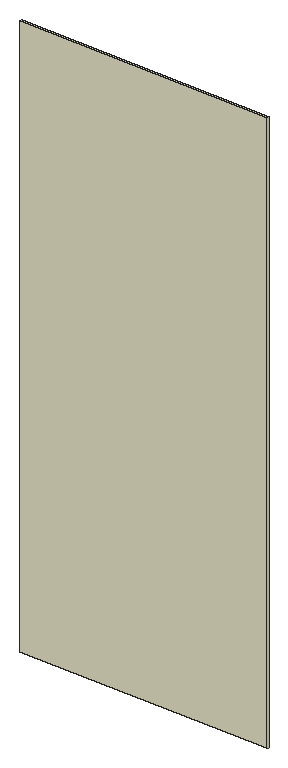
Revit family "CLAD (Smooth) Honeycomb", category Generic Models, Revit 2017
Family settings
  Can host rebar = No
  Round Connector Dimension = Use Diameter
  Part Type = Normal
  Work Plane-Based = No
  Always vertical = Yes
  Cut with Voids When Loaded = No
  Shared = Yes
  Room Calculation Point = No
Parameters (values of type "2745 x 1200")
  Primed Finich Code = "EX27 CL-HON"  # constant formula
  Panel_width = 1200 mm  # constant formula
  Panel_thickness = 9.5 mm  # constant formula
  Material = none
  URL = "https://www.easycraft.com.au/products/253/expression-series"
  Model = "Expression Series - Honeycomb"  # constant formula
  Manufacturer = "Easycraft Australia Pty Ltd ph 07 3906 7200"  # constant formula
  Panel_height = 2745 mm  # constant formula
  Description = "MDF CLAD Smooth"  # constant formula
  Assembly Code = ""
Reference planes
  plane 1 "Center (Front/Back)": y = 0
  plane 2: z = 0
  plane 3 "Center (Left/Right)": x = 0
  plane 4 "Panel face": y = -9.5
  plane 5 "Panel_top": z = 2745
Forms (mm)
  Extrusion 1, solid, material "CLAD smooth"
    sketch origin (0, 0, 2720) x (0, -1, 0) y (1, 0, 0)
      loop
        line (0, 0) -> (9.5, 0) -> (9.5, 1200) -> (0, 1200) -> (0, 0)
    from -2720 to 25
Lines and regions (mm)
  model lines, style "easycraft expressions pattern"
    curve 1: line (1170.784, -9.5, 2657.877) -> (1200, -9.5, 2657.876)
    curve 2: line (1170.784, -9.5, 2534.255) -> (1200, -9.5, 2534.253)
    curve 3: line (1129.224, -9.5, 2596.066) -> (1070.792, -9.5, 2596.067)
    curve 4: line (1170.784, -9.5, 2410.633) -> (1200, -9.5, 2410.631)
    curve 5: line (1170.784, -9.5, 2287.01) -> (1200, -9.5, 2287.009)
    curve 6: line (1129.224, -9.5, 2348.821) -> (1070.792, -9.5, 2348.823)
    curve 7: line (1170.783, -9.5, 2163.389) -> (1200, -9.5, 2163.387)
    curve 8: line (1129.224, -9.5, 2225.2) -> (1070.792, -9.5, 2225.201)
    curve 9: line (1170.783, -9.5, 2039.767) -> (1200, -9.5, 2039.765)
    curve 10: line (1129.225, -9.5, 2101.577) -> (1070.792, -9.5, 2101.579)
    curve 11: line (1170.784, -9.5, 1916.144) -> (1200, -9.5, 1916.143)
    curve 12: line (1129.224, -9.5, 1977.955) -> (1070.792, -9.5, 1977.957)
    curve 13: line (1170.784, -9.5, 1792.522) -> (1200, -9.5, 1792.521)
    curve 14: line (1129.224, -9.5, 1854.333) -> (1070.792, -9.5, 1854.334)
    curve 15: line (1170.784, -9.5, 1668.9) -> (1200, -9.5, 1668.899)
    curve 16: line (1129.224, -9.5, 1730.711) -> (1070.792, -9.5, 1730.712)
    curve 17: line (1170.784, -9.5, 1545.278) -> (1200, -9.5, 1545.276)
    curve 18: line (1129.224, -9.5, 1607.089) -> (1070.792, -9.5, 1607.09)
    curve 19: line (1170.784, -9.5, 1421.656) -> (1200, -9.5, 1421.654)
    curve 20: line (1129.224, -9.5, 1483.466) -> (1070.792, -9.5, 1483.468)
    curve 21: line (1170.784, -9.5, 1298.033) -> (1200, -9.5, 1298.032)
    curve 22: line (1129.224, -9.5, 1359.844) -> (1070.793, -9.5, 1359.846)
    curve 23: line (1170.784, -9.5, 1174.411) -> (1200, -9.5, 1174.41)
    curve 24: line (1129.224, -9.5, 1236.222) -> (1070.792, -9.5, 1236.223)
    curve 25: line (1170.784, -9.5, 1050.789) -> (1200, -9.5, 1050.788)
    curve 26: line (1129.224, -9.5, 1112.6) -> (1070.793, -9.5, 1112.601)
    curve 27: line (1170.784, -9.5, 927.167) -> (1200, -9.5, 927.165)
    curve 28: line (1129.224, -9.5, 988.978) -> (1070.791, -9.5, 988.979)
    curve 29: line (1170.784, -9.5, 803.544) -> (1200, -9.5, 803.543)
    curve 30: line (1129.224, -9.5, 865.355) -> (1070.792, -9.5, 865.356)
    curve 31: line (1170.784, -9.5, 679.922) -> (1200, -9.5, 679.921)
    curve 32: line (1129.224, -9.5, 741.733) -> (1070.793, -9.5, 741.735)
    curve 33: line (1170.784, -9.5, 556.3) -> (1200, -9.5, 556.299)
    curve 34: line (1129.224, -9.5, 618.111) -> (1070.791, -9.5, 618.112)
    curve 35: line (1170.784, -9.5, 432.677) -> (1200, -9.5, 432.676)
    curve 36: line (1129.224, -9.5, 494.488) -> (1070.792, -9.5, 494.49)
    curve 37: line (1170.784, -9.5, 309.056) -> (1200, -9.5, 309.054)
    curve 38: line (1129.224, -9.5, 370.867) -> (1070.793, -9.5, 370.868)
    curve 39: line (1170.784, -9.5, 185.434) -> (1200, -9.5, 185.432)
    curve 40: line (1129.224, -9.5, 247.244) -> (1070.791, -9.5, 247.246)
    curve 41: line (1170.785, -9.5, 61.811) -> (1200, -9.5, 61.81)
    curve 42: line (1129.224, -9.5, 123.622) -> (1070.791, -9.5, 123.624)
    curve 43: line (1070.792, -9.5, 2472.443) -> (1029.233, -9.5, 2534.255)
    curve 44: line (1029.233, -9.5, 2534.255) -> (1070.792, -9.5, 2596.066)
    curve 45: line (1070.792, -9.5, 2596.066) -> (1029.233, -9.5, 2657.877)
    curve 46: line (1029.233, -9.5, 2657.877) -> (1070.792, -9.5, 2719.689)
    curve 47: line (1129.224, -9.5, 2719.688) -> (1170.784, -9.5, 2657.877)
    curve 48: line (1170.784, -9.5, 2657.877) -> (1129.224, -9.5, 2596.066)
    curve 49: line (1129.224, -9.5, 2596.066) -> (1170.784, -9.5, 2534.255)
    curve 50: line (1170.784, -9.5, 2534.255) -> (1129.224, -9.5, 2472.443)
    curve 51: line (1129.224, -9.5, 2472.443) -> (1170.784, -9.5, 2410.633)
    curve 52: line (1170.784, -9.5, 2410.633) -> (1129.224, -9.5, 2348.821)
    curve 53: line (1129.224, -9.5, 2348.821) -> (1170.784, -9.5, 2287.01)
    curve 54: line (1170.784, -9.5, 2287.01) -> (1129.224, -9.5, 2225.199)
    curve 55: line (1129.224, -9.5, 2225.199) -> (1170.783, -9.5, 2163.389)
    curve 56: line (1170.784, -9.5, 2163.388) -> (1129.225, -9.5, 2101.577)
    curve 57: line (1129.224, -9.5, 2101.577) -> (1170.783, -9.5, 2039.767)
    curve 58: line (1170.784, -9.5, 2039.766) -> (1129.224, -9.5, 1977.955)
    curve 59: line (1129.224, -9.5, 1977.955) -> (1170.784, -9.5, 1916.144)
    curve 60: line (1170.784, -9.5, 1916.144) -> (1129.224, -9.5, 1854.333)
    curve 61: line (1129.224, -9.5, 1854.333) -> (1170.784, -9.5, 1792.522)
    curve 62: line (1170.784, -9.5, 1792.522) -> (1129.224, -9.5, 1730.711)
    curve 63: line (1129.224, -9.5, 1730.711) -> (1170.784, -9.5, 1668.9)
    curve 64: line (1170.784, -9.5, 1668.9) -> (1129.224, -9.5, 1607.089)
    curve 65: line (1129.224, -9.5, 1607.089) -> (1170.784, -9.5, 1545.278)
    curve 66: line (1170.784, -9.5, 1545.278) -> (1129.224, -9.5, 1483.466)
    curve 67: line (1129.224, -9.5, 1483.466) -> (1170.784, -9.5, 1421.656)
    curve 68: line (1170.784, -9.5, 1421.656) -> (1129.224, -9.5, 1359.844)
    curve 69: line (1129.224, -9.5, 1359.844) -> (1170.784, -9.5, 1298.033)
    curve 70: line (1170.784, -9.5, 1298.033) -> (1129.224, -9.5, 1236.222)
    curve 71: line (1129.224, -9.5, 1236.222) -> (1170.784, -9.5, 1174.411)
    curve 72: line (1170.784, -9.5, 1174.411) -> (1129.224, -9.5, 1112.6)
    curve 73: line (1129.224, -9.5, 1112.6) -> (1170.784, -9.5, 1050.789)
    curve 74: line (1170.784, -9.5, 1050.789) -> (1129.224, -9.5, 988.978)
    curve 75: line (1129.224, -9.5, 988.978) -> (1170.784, -9.5, 927.167)
    curve 76: line (1170.784, -9.5, 927.167) -> (1129.224, -9.5, 865.355)
    curve 77: line (1129.224, -9.5, 865.355) -> (1170.784, -9.5, 803.545)
    curve 78: line (1170.784, -9.5, 803.545) -> (1129.224, -9.5, 741.733)
    curve 79: line (1129.224, -9.5, 741.733) -> (1170.784, -9.5, 679.922)
    curve 80: line (1170.784, -9.5, 679.922) -> (1129.224, -9.5, 618.111)
    curve 81: line (1129.224, -9.5, 618.111) -> (1170.784, -9.5, 556.3)
    curve 82: line (1170.784, -9.5, 556.3) -> (1129.224, -9.5, 494.488)
    curve 83: line (1129.224, -9.5, 494.489) -> (1170.784, -9.5, 432.678)
    curve 84: line (1170.784, -9.5, 432.678) -> (1129.224, -9.5, 370.867)
    curve 85: line (1129.224, -9.5, 370.867) -> (1170.784, -9.5, 309.056)
    curve 86: line (1170.784, -9.5, 309.056) -> (1129.224, -9.5, 247.244)
    curve 87: line (1129.224, -9.5, 247.244) -> (1170.784, -9.5, 185.434)
    curve 88: line (1170.784, -9.5, 185.434) -> (1129.224, -9.5, 123.622)
    curve 89: line (1129.224, -9.5, 123.622) -> (1170.785, -9.5, 61.811)
    curve 90: line (1170.784, -9.5, 61.812) -> (1129.224, -9.5, 0)
    curve 91: line (1070.792, -9.5, 0.001) -> (1029.232, -9.5, 61.812)
    curve 92: line (1029.232, -9.5, 61.812) -> (1070.792, -9.5, 123.622)
    curve 93: line (1070.791, -9.5, 123.624) -> (1029.233, -9.5, 185.434)
    curve 94: line (1029.233, -9.5, 185.434) -> (1070.792, -9.5, 247.244)
    curve 95: line (1070.791, -9.5, 247.246) -> (1029.233, -9.5, 309.056)
    curve 96: line (1029.233, -9.5, 309.056) -> (1070.793, -9.5, 370.868)
    curve 97: line (1070.792, -9.5, 370.867) -> (1029.233, -9.5, 432.678)
    curve 98: line (1029.233, -9.5, 432.678) -> (1070.792, -9.5, 494.489)
    curve 99: line (1070.792, -9.5, 494.489) -> (1029.233, -9.5, 556.3)
    curve 100: line (1029.233, -9.5, 556.3) -> (1070.792, -9.5, 618.111)
    curve 101: line (1070.791, -9.5, 618.112) -> (1029.233, -9.5, 679.922)
    curve 102: line (1029.233, -9.5, 679.922) -> (1070.793, -9.5, 741.735)
    curve 103: line (1070.792, -9.5, 741.733) -> (1029.233, -9.5, 803.545)
    curve 104: line (1029.233, -9.5, 803.545) -> (1070.792, -9.5, 865.355)
    curve 105: line (1070.792, -9.5, 865.355) -> (1029.233, -9.5, 927.167)
    curve 106: line (1029.233, -9.5, 927.167) -> (1070.792, -9.5, 988.978)
    curve 107: line (1070.791, -9.5, 988.979) -> (1029.233, -9.5, 1050.789)
    curve 108: line (1029.233, -9.5, 1050.789) -> (1070.793, -9.5, 1112.601)
    curve 109: line (1070.792, -9.5, 1112.6) -> (1029.233, -9.5, 1174.411)
    curve 110: line (1029.233, -9.5, 1174.411) -> (1070.792, -9.5, 1236.222)
    curve 111: line (1070.792, -9.5, 1236.222) -> (1029.233, -9.5, 1298.033)
    curve 112: line (1029.233, -9.5, 1298.033) -> (1070.793, -9.5, 1359.846)
    curve 113: line (1070.792, -9.5, 1359.844) -> (1029.233, -9.5, 1421.656)
    curve 114: line (1029.233, -9.5, 1421.656) -> (1070.792, -9.5, 1483.466)
    curve 115: line (1070.792, -9.5, 1483.466) -> (1029.233, -9.5, 1545.278)
    curve 116: line (1029.233, -9.5, 1545.278) -> (1070.792, -9.5, 1607.089)
    curve 117: line (1070.792, -9.5, 1607.089) -> (1029.233, -9.5, 1668.9)
    curve 118: line (1029.233, -9.5, 1668.9) -> (1070.792, -9.5, 1730.711)
    curve 119: line (1070.792, -9.5, 1730.711) -> (1029.233, -9.5, 1792.522)
    curve 120: line (1029.233, -9.5, 1792.522) -> (1070.792, -9.5, 1854.333)
    curve 121: line (1070.792, -9.5, 1854.333) -> (1029.233, -9.5, 1916.144)
    curve 122: line (1029.233, -9.5, 1916.144) -> (1070.792, -9.5, 1977.955)
    curve 123: line (1070.792, -9.5, 1977.955) -> (1029.233, -9.5, 2039.766)
    curve 124: line (1029.233, -9.5, 2039.766) -> (1070.792, -9.5, 2101.577)
    curve 125: line (1070.792, -9.5, 2101.577) -> (1029.233, -9.5, 2163.388)
    curve 126: line (1029.233, -9.5, 2163.388) -> (1070.792, -9.5, 2225.199)
    curve 127: line (1070.792, -9.5, 2225.199) -> (1029.233, -9.5, 2287.01)
    curve 128: line (1029.233, -9.5, 2287.01) -> (1070.792, -9.5, 2348.821)
    curve 129: line (1070.792, -9.5, 2348.821) -> (1029.233, -9.5, 2410.633)
    curve 130: line (1029.233, -9.5, 2410.633) -> (1070.792, -9.5, 2472.445)
    curve 131: line (1070.792, -9.5, 2472.445) -> (1129.224, -9.5, 2472.443)
    curve 132: line (1029.233, -9.5, 2657.877) -> (970.8, -9.5, 2657.878)
    curve 133: line (970.8, -9.5, 2657.878) -> (929.241, -9.5, 2596.066)
    curve 134: line (929.241, -9.5, 2596.066) -> (970.799, -9.5, 2534.256)
    curve 135: line (970.8, -9.5, 2534.255) -> (929.241, -9.5, 2472.444)
    curve 136: line (929.241, -9.5, 2472.444) -> (970.8, -9.5, 2410.633)
    curve 137: line (1029.233, -9.5, 2534.255) -> (970.799, -9.5, 2534.256)
    curve 138: line (1029.233, -9.5, 2287.01) -> (970.8, -9.5, 2287.012)
    curve 139: line (1029.233, -9.5, 2163.389) -> (970.8, -9.5, 2163.39)
    curve 140: line (1029.233, -9.5, 2039.767) -> (970.8, -9.5, 2039.768)
    curve 141: line (1029.233, -9.5, 1916.144) -> (970.801, -9.5, 1916.146)
    curve 142: line (1029.233, -9.5, 1792.522) -> (970.8, -9.5, 1792.524)
    curve 143: line (1029.233, -9.5, 1668.9) -> (970.799, -9.5, 1668.901)
    curve 144: line (1029.233, -9.5, 1545.278) -> (970.8, -9.5, 1545.279)
    curve 145: line (1029.233, -9.5, 1421.656) -> (970.8, -9.5, 1421.657)
    curve 146: line (1029.233, -9.5, 1298.033) -> (970.8, -9.5, 1298.035)
    curve 147: line (1029.233, -9.5, 1174.411) -> (970.799, -9.5, 1174.413)
    curve 148: line (1029.233, -9.5, 1050.789) -> (970.801, -9.5, 1050.79)
    curve 149: line (1029.233, -9.5, 927.167) -> (970.8, -9.5, 927.168)
    curve 150: line (1029.233, -9.5, 803.544) -> (970.8, -9.5, 803.545)
    curve 151: line (1029.233, -9.5, 679.922) -> (970.801, -9.5, 679.924)
    curve 152: line (1029.233, -9.5, 556.3) -> (970.8, -9.5, 556.302)
    curve 153: line (1029.233, -9.5, 432.677) -> (970.801, -9.5, 432.679)
    curve 154: line (1029.233, -9.5, 309.056) -> (970.799, -9.5, 309.057)
    curve 155: line (1029.233, -9.5, 185.434) -> (970.8, -9.5, 185.435)
    curve 156: line (1029.233, -9.5, 61.811) -> (970.8, -9.5, 61.813)
    curve 157: line (970.8, -9.5, 2657.878) -> (929.24, -9.5, 2719.688)
    curve 158: line (870.807, -9.5, 2719.69) -> (829.248, -9.5, 2657.878)
    curve 159: line (829.248, -9.5, 2657.878) -> (870.806, -9.5, 2596.068)
    curve 160: line (870.807, -9.5, 2596.066) -> (829.248, -9.5, 2534.255)
    curve 161: line (829.248, -9.5, 2534.255) -> (870.807, -9.5, 2472.444)
    curve 162: line (929.241, -9.5, 2596.066) -> (870.806, -9.5, 2596.068)
    curve 163: line (929.241, -9.5, 2472.444) -> (870.807, -9.5, 2472.445)
    curve 164: line (870.807, -9.5, 2472.445) -> (829.248, -9.5, 2410.633)
    curve 165: line (829.248, -9.5, 2410.633) -> (870.807, -9.5, 2348.822)
    curve 166: line (870.807, -9.5, 2348.822) -> (829.248, -9.5, 2287.011)
    curve 167: line (829.248, -9.5, 2287.011) -> (870.807, -9.5, 2225.2)
    curve 168: line (870.807, -9.5, 2225.2) -> (829.248, -9.5, 2163.389)
    curve 169: line (829.248, -9.5, 2163.389) -> (870.807, -9.5, 2101.577)
    curve 170: line (870.807, -9.5, 2101.577) -> (829.248, -9.5, 2039.767)
    curve 171: line (829.248, -9.5, 2039.767) -> (870.807, -9.5, 1977.955)
    curve 172: line (870.807, -9.5, 1977.955) -> (829.248, -9.5, 1916.145)
    curve 173: line (829.248, -9.5, 1916.145) -> (870.806, -9.5, 1854.335)
    curve 174: line (870.807, -9.5, 1854.334) -> (829.248, -9.5, 1792.523)
    curve 175: line (829.248, -9.5, 1792.523) -> (870.807, -9.5, 1730.711)
    curve 176: line (870.807, -9.5, 1730.711) -> (829.248, -9.5, 1668.901)
    curve 177: line (829.248, -9.5, 1668.901) -> (870.807, -9.5, 1607.089)
    curve 178: line (870.807, -9.5, 1607.089) -> (829.248, -9.5, 1545.278)
    curve 179: line (829.248, -9.5, 1545.278) -> (870.806, -9.5, 1483.468)
    curve 180: line (870.807, -9.5, 1483.467) -> (829.248, -9.5, 1421.656)
    curve 181: line (829.248, -9.5, 1421.656) -> (870.807, -9.5, 1359.845)
    curve 182: line (870.807, -9.5, 1359.845) -> (829.248, -9.5, 1298.034)
    curve 183: line (829.248, -9.5, 1298.034) -> (870.807, -9.5, 1236.223)
    curve 184: line (870.807, -9.5, 1236.223) -> (829.248, -9.5, 1174.412)
    curve 185: line (829.248, -9.5, 1174.412) -> (870.806, -9.5, 1112.602)
    curve 186: line (870.807, -9.5, 1112.6) -> (829.248, -9.5, 1050.79)
    curve 187: line (829.248, -9.5, 1050.79) -> (870.807, -9.5, 988.978)
    curve 188: line (870.807, -9.5, 988.978) -> (829.248, -9.5, 927.167)
    curve 189: line (829.248, -9.5, 927.167) -> (870.807, -9.5, 865.356)
    curve 190: line (870.807, -9.5, 865.356) -> (829.248, -9.5, 803.545)
    curve 191: line (829.248, -9.5, 803.545) -> (870.806, -9.5, 741.735)
    curve 192: line (870.807, -9.5, 741.734) -> (829.248, -9.5, 679.923)
    curve 193: line (829.248, -9.5, 679.923) -> (870.807, -9.5, 618.112)
    curve 194: line (870.807, -9.5, 618.112) -> (829.248, -9.5, 556.301)
    curve 195: line (829.248, -9.5, 556.301) -> (870.807, -9.5, 494.489)
    curve 196: line (870.807, -9.5, 494.489) -> (829.248, -9.5, 432.679)
    curve 197: line (829.248, -9.5, 432.679) -> (870.806, -9.5, 370.869)
    curve 198: line (870.807, -9.5, 370.867) -> (829.248, -9.5, 309.056)
    curve 199: line (829.248, -9.5, 309.056) -> (870.807, -9.5, 247.245)
    curve 200: line (870.807, -9.5, 247.245) -> (829.248, -9.5, 185.434)
    curve 201: line (829.248, -9.5, 185.434) -> (870.807, -9.5, 123.623)
    curve 202: line (870.807, -9.5, 123.623) -> (829.247, -9.5, 61.813)
    curve 203: line (829.247, -9.5, 61.813) -> (870.807, -9.5, 0.001)
    curve 204: line (929.24, -9.5, 0.001) -> (970.8, -9.5, 61.811)
    curve 205: line (970.8, -9.5, 61.811) -> (929.241, -9.5, 123.623)
    curve 206: line (929.241, -9.5, 123.623) -> (970.8, -9.5, 185.434)
    curve 207: line (970.8, -9.5, 185.434) -> (929.241, -9.5, 247.245)
    curve 208: line (929.241, -9.5, 247.245) -> (970.8, -9.5, 309.056)
    curve 209: line (970.799, -9.5, 309.057) -> (929.241, -9.5, 370.867)
    curve 210: line (929.241, -9.5, 370.867) -> (970.801, -9.5, 432.679)
    curve 211: line (970.8, -9.5, 432.678) -> (929.241, -9.5, 494.489)
    curve 212: line (929.241, -9.5, 494.489) -> (970.8, -9.5, 556.3)
    curve 213: line (970.8, -9.5, 556.3) -> (929.241, -9.5, 618.112)
    curve 214: line (929.241, -9.5, 618.112) -> (970.801, -9.5, 679.924)
    curve 215: line (970.8, -9.5, 679.922) -> (929.241, -9.5, 741.734)
    curve 216: line (929.241, -9.5, 741.734) -> (970.8, -9.5, 803.545)
    curve 217: line (970.8, -9.5, 803.545) -> (929.241, -9.5, 865.355)
    curve 218: line (929.241, -9.5, 865.356) -> (970.8, -9.5, 927.167)
    curve 219: line (970.8, -9.5, 927.167) -> (929.241, -9.5, 988.978)
    curve 220: line (929.241, -9.5, 988.978) -> (970.801, -9.5, 1050.79)
    curve 221: line (970.8, -9.5, 1050.789) -> (929.241, -9.5, 1112.6)
    curve 222: line (929.241, -9.5, 1112.6) -> (970.8, -9.5, 1174.411)
    curve 223: line (970.799, -9.5, 1174.413) -> (929.241, -9.5, 1236.223)
    curve 224: line (929.241, -9.5, 1236.223) -> (970.8, -9.5, 1298.033)
    curve 225: line (970.8, -9.5, 1298.033) -> (929.241, -9.5, 1359.845)
    curve 226: line (929.241, -9.5, 1359.845) -> (970.8, -9.5, 1421.656)
    curve 227: line (970.8, -9.5, 1421.656) -> (929.241, -9.5, 1483.467)
    curve 228: line (929.241, -9.5, 1483.467) -> (970.8, -9.5, 1545.278)
    curve 229: line (970.8, -9.5, 1545.278) -> (929.241, -9.5, 1607.089)
    curve 230: line (929.241, -9.5, 1607.089) -> (970.8, -9.5, 1668.9)
    curve 231: line (970.799, -9.5, 1668.901) -> (929.241, -9.5, 1730.711)
    curve 232: line (929.241, -9.5, 1730.711) -> (970.8, -9.5, 1792.522)
    curve 233: line (970.8, -9.5, 1792.522) -> (929.241, -9.5, 1854.334)
    curve 234: line (929.241, -9.5, 1854.334) -> (970.801, -9.5, 1916.146)
    curve 235: line (970.8, -9.5, 1916.144) -> (929.241, -9.5, 1977.955)
    curve 236: line (929.241, -9.5, 1977.955) -> (970.8, -9.5, 2039.766)
    curve 237: line (970.8, -9.5, 2039.766) -> (929.241, -9.5, 2101.577)
    curve 238: line (929.241, -9.5, 2101.577) -> (970.8, -9.5, 2163.388)
    curve 239: line (970.8, -9.5, 2163.388) -> (929.241, -9.5, 2225.2)
    curve 240: line (929.241, -9.5, 2225.2) -> (970.8, -9.5, 2287.01)
    curve 241: line (970.8, -9.5, 2287.01) -> (929.241, -9.5, 2348.822)
    curve 242: line (929.241, -9.5, 2348.822) -> (970.8, -9.5, 2410.634)
    curve 243: line (970.8, -9.5, 2410.634) -> (1029.233, -9.5, 2410.633)
    curve 244: line (929.241, -9.5, 2348.822) -> (870.807, -9.5, 2348.823)
    curve 245: line (929.24, -9.5, 2225.2) -> (870.807, -9.5, 2225.202)
    curve 246: line (929.24, -9.5, 2101.578) -> (870.807, -9.5, 2101.579)
    curve 247: line (929.24, -9.5, 1977.956) -> (870.807, -9.5, 1977.957)
    curve 248: line (929.241, -9.5, 1854.334) -> (870.806, -9.5, 1854.335)
    curve 249: line (929.241, -9.5, 1730.711) -> (870.807, -9.5, 1730.713)
    curve 250: line (929.241, -9.5, 1607.089) -> (870.807, -9.5, 1607.091)
    curve 251: line (929.241, -9.5, 1483.467) -> (870.806, -9.5, 1483.468)
    curve 252: line (929.241, -9.5, 1359.845) -> (870.807, -9.5, 1359.846)
    curve 253: line (929.241, -9.5, 1236.223) -> (870.807, -9.5, 1236.224)
    curve 254: line (929.241, -9.5, 1112.6) -> (870.806, -9.5, 1112.602)
    curve 255: line (929.241, -9.5, 988.978) -> (870.807, -9.5, 988.98)
    curve 256: line (929.241, -9.5, 865.355) -> (870.807, -9.5, 865.357)
    curve 257: line (929.241, -9.5, 741.734) -> (870.806, -9.5, 741.735)
    curve 258: line (929.241, -9.5, 618.112) -> (870.807, -9.5, 618.113)
    curve 259: line (929.24, -9.5, 494.489) -> (870.807, -9.5, 494.49)
    curve 260: line (929.241, -9.5, 370.867) -> (870.806, -9.5, 370.869)
    curve 261: line (929.241, -9.5, 247.245) -> (870.807, -9.5, 247.246)
    curve 262: line (929.241, -9.5, 123.623) -> (870.807, -9.5, 123.624)
    curve 263: line (829.248, -9.5, 2657.878) -> (770.816, -9.5, 2657.879)
    curve 264: line (770.816, -9.5, 2657.879) -> (729.256, -9.5, 2596.067)
    curve 265: line (729.256, -9.5, 2596.067) -> (770.816, -9.5, 2534.255)
    curve 266: line (770.816, -9.5, 2534.255) -> (729.256, -9.5, 2472.445)
    curve 267: line (729.256, -9.5, 2472.445) -> (770.816, -9.5, 2410.633)
    curve 268: line (829.248, -9.5, 2534.255) -> (770.816, -9.5, 2534.257)
    curve 269: line (829.248, -9.5, 2410.633) -> (770.816, -9.5, 2410.635)
    curve 270: line (770.816, -9.5, 2410.635) -> (729.256, -9.5, 2348.822)
    curve 271: line (729.256, -9.5, 2348.822) -> (770.816, -9.5, 2287.011)
    curve 272: line (770.816, -9.5, 2287.011) -> (729.256, -9.5, 2225.2)
    curve 273: line (729.256, -9.5, 2225.2) -> (770.816, -9.5, 2163.389)
    curve 274: line (770.816, -9.5, 2163.389) -> (729.256, -9.5, 2101.578)
    curve 275: line (729.256, -9.5, 2101.578) -> (770.816, -9.5, 2039.767)
    curve 276: line (829.248, -9.5, 2287.011) -> (770.816, -9.5, 2287.012)
    curve 277: line (829.248, -9.5, 2163.389) -> (770.816, -9.5, 2163.391)
    curve 278: line (829.248, -9.5, 2039.767) -> (770.816, -9.5, 2039.769)
    curve 279: line (770.816, -9.5, 2039.769) -> (729.256, -9.5, 1977.956)
    curve 280: line (729.256, -9.5, 1977.956) -> (770.816, -9.5, 1916.144)
    curve 281: line (770.816, -9.5, 1916.144) -> (729.256, -9.5, 1854.334)
    curve 282: line (729.256, -9.5, 1854.334) -> (770.816, -9.5, 1792.523)
    curve 283: line (770.816, -9.5, 1792.523) -> (729.256, -9.5, 1730.712)
    curve 284: line (729.256, -9.5, 1730.712) -> (770.816, -9.5, 1668.901)
    curve 285: line (829.248, -9.5, 1916.145) -> (770.816, -9.5, 1916.146)
    curve 286: line (829.248, -9.5, 1792.523) -> (770.816, -9.5, 1792.524)
    curve 287: line (829.248, -9.5, 1668.901) -> (770.816, -9.5, 1668.902)
    curve 288: line (770.816, -9.5, 1668.902) -> (729.256, -9.5, 1607.09)
    curve 289: line (729.256, -9.5, 1607.09) -> (770.815, -9.5, 1545.28)
    curve 290: line (770.816, -9.5, 1545.278) -> (729.256, -9.5, 1483.468)
    curve 291: line (729.256, -9.5, 1483.468) -> (770.815, -9.5, 1421.658)
    curve 292: line (770.816, -9.5, 1421.656) -> (729.256, -9.5, 1359.845)
    curve 293: line (729.256, -9.5, 1359.845) -> (770.816, -9.5, 1298.034)
    curve 294: line (770.816, -9.5, 1298.034) -> (729.256, -9.5, 1236.223)
    curve 295: line (729.256, -9.5, 1236.223) -> (770.816, -9.5, 1174.412)
    curve 296: line (770.816, -9.5, 1174.412) -> (729.256, -9.5, 1112.601)
    curve 297: line (729.256, -9.5, 1112.601) -> (770.816, -9.5, 1050.79)
    curve 298: line (770.816, -9.5, 1050.79) -> (729.256, -9.5, 988.979)
    curve 299: line (729.256, -9.5, 988.979) -> (770.816, -9.5, 927.167)
    curve 300: line (770.816, -9.5, 927.167) -> (729.256, -9.5, 865.357)
    curve 301: line (729.256, -9.5, 865.357) -> (770.815, -9.5, 803.546)
    curve 302: line (770.816, -9.5, 803.545) -> (729.256, -9.5, 741.734)
    curve 303: line (729.256, -9.5, 741.734) -> (770.816, -9.5, 679.923)
    curve 304: line (829.248, -9.5, 1545.278) -> (770.815, -9.5, 1545.28)
    curve 305: line (829.248, -9.5, 1421.656) -> (770.815, -9.5, 1421.658)
    curve 306: line (829.248, -9.5, 1298.034) -> (770.816, -9.5, 1298.035)
    curve 307: line (829.248, -9.5, 1174.412) -> (770.816, -9.5, 1174.413)
    curve 308: line (829.248, -9.5, 1050.79) -> (770.816, -9.5, 1050.791)
    curve 309: line (829.248, -9.5, 927.167) -> (770.816, -9.5, 927.169)
    curve 310: line (829.248, -9.5, 803.545) -> (770.815, -9.5, 803.546)
    curve 311: line (829.248, -9.5, 679.923) -> (770.816, -9.5, 679.924)
    curve 312: line (770.816, -9.5, 679.924) -> (729.256, -9.5, 618.112)
    curve 313: line (729.256, -9.5, 618.112) -> (770.815, -9.5, 556.302)
    curve 314: line (770.816, -9.5, 556.301) -> (729.256, -9.5, 494.49)
    curve 315: line (729.256, -9.5, 494.49) -> (770.816, -9.5, 432.679)
    curve 316: line (770.816, -9.5, 432.679) -> (729.256, -9.5, 370.868)
    curve 317: line (729.256, -9.5, 370.868) -> (770.816, -9.5, 309.056)
    curve 318: line (829.248, -9.5, 556.301) -> (770.815, -9.5, 556.302)
    curve 319: line (829.248, -9.5, 432.678) -> (770.816, -9.5, 432.679)
    curve 320: line (829.248, -9.5, 185.434) -> (770.816, -9.5, 185.436)
    curve 321: line (829.248, -9.5, 61.812) -> (770.816, -9.5, 61.813)
    curve 322: line (770.816, -9.5, 2657.879) -> (729.255, -9.5, 2719.689)
    curve 323: line (670.823, -9.5, 2719.69) -> (629.263, -9.5, 2657.878)
    curve 324: line (629.263, -9.5, 2657.878) -> (670.822, -9.5, 2596.068)
    curve 325: line (670.823, -9.5, 2596.067) -> (629.263, -9.5, 2534.256)
    curve 326: line (629.263, -9.5, 2534.256) -> (670.822, -9.5, 2472.446)
    curve 327: line (729.256, -9.5, 2596.067) -> (670.822, -9.5, 2596.068)
    curve 328: line (729.256, -9.5, 2472.445) -> (670.822, -9.5, 2472.446)
    curve 329: line (670.823, -9.5, 2472.446) -> (629.263, -9.5, 2410.634)
    curve 330: line (629.263, -9.5, 2410.634) -> (670.822, -9.5, 2348.824)
    curve 331: line (670.823, -9.5, 2348.822) -> (629.263, -9.5, 2287.012)
    curve 332: line (629.263, -9.5, 2287.012) -> (670.823, -9.5, 2225.2)
    curve 333: line (670.823, -9.5, 2225.2) -> (629.263, -9.5, 2163.389)
    curve 334: line (629.263, -9.5, 2163.389) -> (670.821, -9.5, 2101.58)
    curve 335: line (670.823, -9.5, 2101.578) -> (629.263, -9.5, 2039.767)
    curve 336: line (629.263, -9.5, 2039.767) -> (670.821, -9.5, 1977.958)
    curve 337: line (670.823, -9.5, 1977.956) -> (629.263, -9.5, 1916.146)
    curve 338: line (629.263, -9.5, 1916.146) -> (670.823, -9.5, 1854.334)
    curve 339: line (670.823, -9.5, 1854.334) -> (629.263, -9.5, 1792.523)
    curve 340: line (629.263, -9.5, 1792.523) -> (670.822, -9.5, 1730.713)
    curve 341: line (670.823, -9.5, 1730.712) -> (629.263, -9.5, 1668.901)
    curve 342: line (629.263, -9.5, 1668.901) -> (670.822, -9.5, 1607.091)
    curve 343: line (670.823, -9.5, 1607.09) -> (629.263, -9.5, 1545.279)
    curve 344: line (629.263, -9.5, 1545.279) -> (670.823, -9.5, 1483.468)
    curve 345: line (670.823, -9.5, 1483.468) -> (629.263, -9.5, 1421.657)
    curve 346: line (629.263, -9.5, 1421.657) -> (670.822, -9.5, 1359.847)
    curve 347: line (670.823, -9.5, 1359.845) -> (629.263, -9.5, 1298.035)
    curve 348: line (629.263, -9.5, 1298.035) -> (670.822, -9.5, 1236.225)
    curve 349: line (670.823, -9.5, 1236.223) -> (629.263, -9.5, 1174.412)
    curve 350: line (629.263, -9.5, 1174.412) -> (670.822, -9.5, 1112.602)
    curve 351: line (670.823, -9.5, 1112.601) -> (629.263, -9.5, 1050.79)
    curve 352: line (629.263, -9.5, 1050.79) -> (670.823, -9.5, 988.979)
    curve 353: line (670.823, -9.5, 988.979) -> (629.263, -9.5, 927.168)
    curve 354: line (629.263, -9.5, 927.168) -> (670.823, -9.5, 865.357)
    curve 355: line (670.823, -9.5, 865.357) -> (629.263, -9.5, 803.546)
    curve 356: line (629.263, -9.5, 803.546) -> (670.822, -9.5, 741.736)
    curve 357: line (670.823, -9.5, 741.734) -> (629.263, -9.5, 679.924)
    curve 358: line (629.263, -9.5, 679.924) -> (670.823, -9.5, 618.112)
    curve 359: line (670.823, -9.5, 618.112) -> (629.263, -9.5, 556.301)
    curve 360: line (629.263, -9.5, 556.301) -> (670.823, -9.5, 494.49)
    curve 361: line (670.823, -9.5, 494.49) -> (629.263, -9.5, 432.679)
    curve 362: line (629.263, -9.5, 432.679) -> (670.822, -9.5, 370.869)
    curve 363: line (670.823, -9.5, 370.868) -> (629.263, -9.5, 309.057)
    curve 364: line (629.263, -9.5, 309.057) -> (670.823, -9.5, 247.246)
    curve 365: line (670.823, -9.5, 247.246) -> (629.263, -9.5, 185.435)
    curve 366: line (629.263, -9.5, 185.435) -> (670.823, -9.5, 123.623)
    curve 367: line (670.823, -9.5, 123.623) -> (629.262, -9.5, 61.813)
    curve 368: line (629.263, -9.5, 61.813) -> (670.822, -9.5, 0.002)
    curve 369: line (729.256, -9.5, 0.002) -> (770.816, -9.5, 61.813)
    curve 370: line (770.816, -9.5, 61.812) -> (729.256, -9.5, 123.623)
    curve 371: line (729.256, -9.5, 123.623) -> (770.816, -9.5, 185.436)
    curve 372: line (770.816, -9.5, 185.434) -> (729.256, -9.5, 247.246)
    curve 373: line (729.256, -9.5, 247.246) -> (770.816, -9.5, 309.058)
    curve 374: line (770.816, -9.5, 309.058) -> (829.248, -9.5, 309.056)
    curve 375: line (729.256, -9.5, 2348.822) -> (670.822, -9.5, 2348.824)
    curve 376: line (729.255, -9.5, 2225.201) -> (670.823, -9.5, 2225.202)
    curve 377: line (729.255, -9.5, 2101.579) -> (670.821, -9.5, 2101.58)
    curve 378: line (729.255, -9.5, 1977.956) -> (670.821, -9.5, 1977.958)
    curve 379: line (729.256, -9.5, 1854.334) -> (670.823, -9.5, 1854.336)
    curve 380: line (729.256, -9.5, 1730.712) -> (670.822, -9.5, 1730.713)
    curve 381: line (729.256, -9.5, 1607.09) -> (670.822, -9.5, 1607.091)
    curve 382: line (729.256, -9.5, 1483.468) -> (670.823, -9.5, 1483.469)
    curve 383: line (729.256, -9.5, 1359.845) -> (670.822, -9.5, 1359.847)
    curve 384: line (729.256, -9.5, 1236.223) -> (670.822, -9.5, 1236.225)
    curve 385: line (729.256, -9.5, 1112.601) -> (670.822, -9.5, 1112.602)
    curve 386: line (729.256, -9.5, 988.979) -> (670.823, -9.5, 988.98)
    curve 387: line (729.255, -9.5, 865.356) -> (670.823, -9.5, 865.357)
    curve 388: line (729.256, -9.5, 741.734) -> (670.822, -9.5, 741.736)
    curve 389: line (729.256, -9.5, 618.112) -> (670.823, -9.5, 618.114)
    curve 390: line (729.255, -9.5, 494.489) -> (670.823, -9.5, 494.491)
    curve 391: line (729.256, -9.5, 370.868) -> (670.822, -9.5, 370.869)
    curve 392: line (729.256, -9.5, 247.246) -> (670.823, -9.5, 247.247)
    curve 393: line (729.256, -9.5, 123.623) -> (670.823, -9.5, 123.625)
    curve 394: line (629.263, -9.5, 2657.878) -> (570.831, -9.5, 2657.88)
    curve 395: line (570.831, -9.5, 2657.88) -> (529.272, -9.5, 2596.067)
    curve 396: line (529.272, -9.5, 2596.067) -> (570.831, -9.5, 2534.256)
    curve 397: line (570.831, -9.5, 2534.256) -> (529.272, -9.5, 2472.445)
    curve 398: line (529.272, -9.5, 2472.445) -> (570.831, -9.5, 2410.634)
    curve 399: line (629.263, -9.5, 2534.256) -> (570.831, -9.5, 2534.257)
    curve 400: line (629.263, -9.5, 2287.012) -> (570.83, -9.5, 2287.013)
    curve 401: line (629.263, -9.5, 2163.39) -> (570.83, -9.5, 2163.391)
    curve 402: line (629.263, -9.5, 2039.768) -> (570.831, -9.5, 2039.769)
    curve 403: line (629.263, -9.5, 1916.146) -> (570.83, -9.5, 1916.147)
    curve 404: line (629.263, -9.5, 1792.523) -> (570.832, -9.5, 1792.525)
    curve 405: line (629.263, -9.5, 1668.901) -> (570.83, -9.5, 1668.903)
    curve 406: line (629.263, -9.5, 1545.279) -> (570.831, -9.5, 1545.28)
    curve 407: line (629.263, -9.5, 1421.657) -> (570.832, -9.5, 1421.658)
    curve 408: line (629.263, -9.5, 1298.035) -> (570.83, -9.5, 1298.036)
    curve 409: line (629.263, -9.5, 1174.412) -> (570.831, -9.5, 1174.414)
    curve 410: line (629.263, -9.5, 1050.79) -> (570.831, -9.5, 1050.792)
    curve 411: line (629.263, -9.5, 927.168) -> (570.831, -9.5, 927.169)
    curve 412: line (629.263, -9.5, 803.545) -> (570.831, -9.5, 803.547)
    curve 413: line (629.263, -9.5, 679.924) -> (570.831, -9.5, 679.925)
    curve 414: line (629.263, -9.5, 556.301) -> (570.832, -9.5, 556.303)
    curve 415: line (629.263, -9.5, 432.679) -> (570.831, -9.5, 432.68)
    curve 416: line (629.263, -9.5, 309.057) -> (570.831, -9.5, 309.058)
    curve 417: line (629.263, -9.5, 185.435) -> (570.832, -9.5, 185.436)
    curve 418: line (629.262, -9.5, 61.813) -> (570.832, -9.5, 61.814)
    curve 419: line (570.831, -9.5, 2657.88) -> (529.271, -9.5, 2719.69)
    curve 420: line (470.838, -9.5, 2719.691) -> (429.279, -9.5, 2657.879)
    curve 421: line (429.279, -9.5, 2657.879) -> (470.837, -9.5, 2596.069)
    curve 422: line (470.838, -9.5, 2596.067) -> (429.279, -9.5, 2534.257)
    curve 423: line (429.279, -9.5, 2534.257) -> (470.837, -9.5, 2472.447)
    curve 424: line (529.272, -9.5, 2596.067) -> (470.837, -9.5, 2596.069)
    curve 425: line (529.272, -9.5, 2472.445) -> (470.837, -9.5, 2472.447)
    curve 426: line (470.838, -9.5, 2472.447) -> (429.279, -9.5, 2410.634)
    curve 427: line (429.279, -9.5, 2410.634) -> (470.837, -9.5, 2348.824)
    curve 428: line (529.272, -9.5, 2348.823) -> (470.837, -9.5, 2348.824)
    curve 429: line (470.838, -9.5, 2348.824) -> (429.279, -9.5, 2287.012)
    curve 430: line (429.279, -9.5, 2287.012) -> (470.838, -9.5, 2225.201)
    curve 431: line (470.838, -9.5, 2225.201) -> (429.279, -9.5, 2163.39)
    curve 432: line (429.279, -9.5, 2163.39) -> (470.838, -9.5, 2101.579)
    curve 433: line (470.838, -9.5, 2101.579) -> (429.279, -9.5, 2039.768)
    curve 434: line (429.279, -9.5, 2039.768) -> (470.838, -9.5, 1977.956)
    curve 435: line (470.838, -9.5, 1977.956) -> (429.279, -9.5, 1916.146)
    curve 436: line (429.279, -9.5, 1916.146) -> (470.838, -9.5, 1854.335)
    curve 437: line (470.838, -9.5, 1854.335) -> (429.279, -9.5, 1792.524)
    curve 438: line (429.279, -9.5, 1792.524) -> (470.838, -9.5, 1730.713)
    curve 439: line (470.838, -9.5, 1730.713) -> (429.279, -9.5, 1668.902)
    curve 440: line (429.279, -9.5, 1668.902) -> (470.837, -9.5, 1607.092)
    curve 441: line (470.838, -9.5, 1607.09) -> (429.279, -9.5, 1545.28)
    curve 442: line (429.279, -9.5, 1545.28) -> (470.838, -9.5, 1483.468)
    curve 443: line (470.838, -9.5, 1483.468) -> (429.279, -9.5, 1421.657)
    curve 444: line (429.279, -9.5, 1421.657) -> (470.838, -9.5, 1359.846)
    curve 445: line (529.272, -9.5, 2225.201) -> (470.838, -9.5, 2225.203)
    curve 446: line (529.271, -9.5, 2101.579) -> (470.838, -9.5, 2101.581)
    curve 447: line (529.271, -9.5, 1977.957) -> (470.838, -9.5, 1977.958)
    curve 448: line (529.272, -9.5, 1854.335) -> (470.838, -9.5, 1854.336)
    curve 449: line (529.272, -9.5, 1730.713) -> (470.838, -9.5, 1730.714)
    curve 450: line (529.272, -9.5, 1607.09) -> (470.837, -9.5, 1607.092)
    curve 451: line (529.272, -9.5, 1483.468) -> (470.838, -9.5, 1483.47)
    curve 452: line (529.272, -9.5, 1359.846) -> (470.838, -9.5, 1359.847)
    curve 453: line (470.838, -9.5, 1359.847) -> (429.279, -9.5, 1298.035)
    curve 454: line (429.279, -9.5, 1298.035) -> (470.838, -9.5, 1236.224)
    curve 455: line (470.838, -9.5, 1236.224) -> (429.279, -9.5, 1174.413)
    curve 456: line (429.279, -9.5, 1174.413) -> (470.837, -9.5, 1112.603)
    curve 457: line (470.838, -9.5, 1112.602) -> (429.279, -9.5, 1050.791)
    curve 458: line (429.279, -9.5, 1050.791) -> (470.838, -9.5, 988.979)
    curve 459: line (529.272, -9.5, 1236.224) -> (470.838, -9.5, 1236.225)
    curve 460: line (529.272, -9.5, 1112.602) -> (470.837, -9.5, 1112.603)
    curve 461: line (529.272, -9.5, 988.979) -> (470.838, -9.5, 988.981)
    curve 462: line (470.838, -9.5, 988.981) -> (429.279, -9.5, 927.169)
    curve 463: line (429.279, -9.5, 927.169) -> (470.838, -9.5, 865.357)
    curve 464: line (470.838, -9.5, 865.357) -> (429.279, -9.5, 803.546)
    curve 465: line (429.279, -9.5, 803.546) -> (470.838, -9.5, 741.735)
    curve 466: line (470.838, -9.5, 741.735) -> (429.279, -9.5, 679.924)
    curve 467: line (429.279, -9.5, 679.924) -> (470.838, -9.5, 618.113)
    curve 468: line (470.838, -9.5, 618.113) -> (429.279, -9.5, 556.302)
    curve 469: line (429.279, -9.5, 556.302) -> (470.838, -9.5, 494.491)
    curve 470: line (470.838, -9.5, 494.491) -> (429.279, -9.5, 432.68)
    curve 471: line (429.279, -9.5, 432.68) -> (470.837, -9.5, 370.87)
    curve 472: line (470.838, -9.5, 370.868) -> (429.279, -9.5, 309.058)
    curve 473: line (429.279, -9.5, 309.058) -> (470.837, -9.5, 247.248)
    curve 474: line (470.838, -9.5, 247.246) -> (429.279, -9.5, 185.435)
    curve 475: line (429.279, -9.5, 185.435) -> (470.837, -9.5, 123.625)
    curve 476: line (470.838, -9.5, 123.624) -> (429.278, -9.5, 61.814)
    curve 477: line (429.278, -9.5, 61.814) -> (470.838, -9.5, 0.003)
    curve 478: line (529.271, -9.5, 0.003) -> (570.832, -9.5, 61.814)
    curve 479: line (570.831, -9.5, 61.813) -> (529.272, -9.5, 123.624)
    curve 480: line (529.272, -9.5, 123.624) -> (570.832, -9.5, 185.436)
    curve 481: line (570.831, -9.5, 185.435) -> (529.272, -9.5, 247.246)
    curve 482: line (529.272, -9.5, 247.246) -> (570.831, -9.5, 309.057)
    curve 483: line (570.831, -9.5, 309.057) -> (529.272, -9.5, 370.868)
    curve 484: line (529.272, -9.5, 370.868) -> (570.831, -9.5, 432.68)
    curve 485: line (570.831, -9.5, 432.679) -> (529.272, -9.5, 494.491)
    curve 486: line (529.272, -9.5, 494.491) -> (570.832, -9.5, 556.303)
    curve 487: line (570.831, -9.5, 556.301) -> (529.272, -9.5, 618.113)
    curve 488: line (529.272, -9.5, 618.113) -> (570.831, -9.5, 679.924)
    curve 489: line (570.831, -9.5, 679.924) -> (529.272, -9.5, 741.735)
    curve 490: line (529.272, -9.5, 741.735) -> (570.831, -9.5, 803.546)
    curve 491: line (570.831, -9.5, 803.546) -> (529.272, -9.5, 865.357)
    curve 492: line (529.272, -9.5, 865.357) -> (570.831, -9.5, 927.168)
    curve 493: line (570.831, -9.5, 927.168) -> (529.272, -9.5, 988.979)
    curve 494: line (529.272, -9.5, 988.979) -> (570.831, -9.5, 1050.79)
    curve 495: line (570.831, -9.5, 1050.79) -> (529.272, -9.5, 1112.602)
    curve 496: line (529.272, -9.5, 1112.602) -> (570.831, -9.5, 1174.412)
    curve 497: line (570.831, -9.5, 1174.412) -> (529.272, -9.5, 1236.224)
    curve 498: line (529.272, -9.5, 1236.224) -> (570.831, -9.5, 1298.035)
    curve 499: line (570.83, -9.5, 1298.036) -> (529.272, -9.5, 1359.846)
    curve 500: line (529.272, -9.5, 1359.846) -> (570.832, -9.5, 1421.658)
    curve 501: line (570.831, -9.5, 1421.657) -> (529.272, -9.5, 1483.468)
    curve 502: line (529.272, -9.5, 1483.468) -> (570.831, -9.5, 1545.279)
    curve 503: line (570.831, -9.5, 1545.279) -> (529.272, -9.5, 1607.09)
    curve 504: line (529.272, -9.5, 1607.09) -> (570.831, -9.5, 1668.901)
    curve 505: line (570.83, -9.5, 1668.903) -> (529.272, -9.5, 1730.713)
    curve 506: line (529.272, -9.5, 1730.713) -> (570.832, -9.5, 1792.525)
    curve 507: line (570.831, -9.5, 1792.523) -> (529.272, -9.5, 1854.335)
    curve 508: line (529.272, -9.5, 1854.335) -> (570.831, -9.5, 1916.145)
    curve 509: line (570.83, -9.5, 1916.147) -> (529.272, -9.5, 1977.956)
    curve 510: line (529.272, -9.5, 1977.956) -> (570.831, -9.5, 2039.767)
    curve 511: line (570.831, -9.5, 2039.767) -> (529.271, -9.5, 2101.579)
    curve 512: line (529.272, -9.5, 2101.579) -> (570.831, -9.5, 2163.389)
    curve 513: line (570.83, -9.5, 2163.391) -> (529.272, -9.5, 2225.201)
    curve 514: line (529.272, -9.5, 2225.201) -> (570.831, -9.5, 2287.012)
    curve 515: line (570.83, -9.5, 2287.013) -> (529.272, -9.5, 2348.823)
    curve 516: line (529.272, -9.5, 2348.823) -> (570.831, -9.5, 2410.635)
    curve 517: line (570.831, -9.5, 2410.635) -> (629.263, -9.5, 2410.634)
    curve 518: line (529.271, -9.5, 865.357) -> (470.838, -9.5, 865.358)
    curve 519: line (529.272, -9.5, 741.735) -> (470.838, -9.5, 741.736)
    curve 520: line (529.272, -9.5, 618.113) -> (470.838, -9.5, 618.114)
    curve 521: line (529.271, -9.5, 494.49) -> (470.838, -9.5, 494.491)
    curve 522: line (529.272, -9.5, 370.868) -> (470.837, -9.5, 370.87)
    curve 523: line (529.272, -9.5, 247.246) -> (470.837, -9.5, 247.248)
    curve 524: line (529.272, -9.5, 123.624) -> (470.837, -9.5, 123.625)
    curve 525: line (429.279, -9.5, 2657.879) -> (370.846, -9.5, 2657.88)
    curve 526: line (370.846, -9.5, 2657.88) -> (329.287, -9.5, 2596.068)
    curve 527: line (329.287, -9.5, 2596.068) -> (370.846, -9.5, 2534.257)
    curve 528: line (370.846, -9.5, 2534.257) -> (329.287, -9.5, 2472.446)
    curve 529: line (329.287, -9.5, 2472.446) -> (370.846, -9.5, 2410.634)
    curve 530: line (429.279, -9.5, 2534.257) -> (370.846, -9.5, 2534.258)
    curve 531: line (429.279, -9.5, 2287.012) -> (370.846, -9.5, 2287.014)
    curve 532: line (429.279, -9.5, 2163.391) -> (370.845, -9.5, 2163.392)
    curve 533: line (429.279, -9.5, 2039.768) -> (370.846, -9.5, 2039.77)
    curve 534: line (429.279, -9.5, 1916.146) -> (370.848, -9.5, 1916.148)
    curve 535: line (429.279, -9.5, 1792.524) -> (370.847, -9.5, 1792.525)
    curve 536: line (429.279, -9.5, 1668.902) -> (370.845, -9.5, 1668.903)
    curve 537: line (429.279, -9.5, 1545.28) -> (370.846, -9.5, 1545.281)
    curve 538: line (429.279, -9.5, 1421.657) -> (370.847, -9.5, 1421.659)
    curve 539: line (429.279, -9.5, 1298.035) -> (370.845, -9.5, 1298.037)
    curve 540: line (429.279, -9.5, 1174.413) -> (370.846, -9.5, 1174.414)
    curve 541: line (429.279, -9.5, 1050.791) -> (370.846, -9.5, 1050.792)
    curve 542: line (429.279, -9.5, 927.169) -> (370.846, -9.5, 927.17)
    curve 543: line (429.279, -9.5, 803.546) -> (370.846, -9.5, 803.547)
    curve 544: line (429.279, -9.5, 679.924) -> (370.846, -9.5, 679.926)
    curve 545: line (429.279, -9.5, 556.302) -> (370.846, -9.5, 556.303)
    curve 546: line (429.279, -9.5, 432.679) -> (370.846, -9.5, 432.681)
    curve 547: line (429.279, -9.5, 309.058) -> (370.845, -9.5, 309.059)
    curve 548: line (429.279, -9.5, 185.435) -> (370.847, -9.5, 185.437)
    curve 549: line (429.279, -9.5, 61.813) -> (370.847, -9.5, 61.815)
    curve 550: line (370.846, -9.5, 2657.88) -> (329.286, -9.5, 2719.69)
    curve 551: line (270.854, -9.5, 2719.692) -> (229.294, -9.5, 2657.879)
    curve 552: line (229.294, -9.5, 2657.879) -> (270.853, -9.5, 2596.069)
    curve 553: line (270.854, -9.5, 2596.068) -> (229.294, -9.5, 2534.257)
    curve 554: line (229.294, -9.5, 2534.257) -> (270.854, -9.5, 2472.446)
    curve 555: line (329.287, -9.5, 2596.068) -> (270.853, -9.5, 2596.069)
    curve 556: line (329.287, -9.5, 2472.446) -> (270.854, -9.5, 2472.447)
    curve 557: line (270.854, -9.5, 2472.447) -> (229.294, -9.5, 2410.646)
    curve 558: line (229.294, -9.5, 2410.646) -> (270.854, -9.5, 2348.824)
    curve 559: line (270.854, -9.5, 2348.824) -> (229.294, -9.5, 2287.013)
    curve 560: line (229.294, -9.5, 2287.013) -> (270.852, -9.5, 2225.203)
    curve 561: line (270.854, -9.5, 2225.201) -> (229.294, -9.5, 2163.391)
    curve 562: line (229.294, -9.5, 2163.391) -> (270.852, -9.5, 2101.581)
    curve 563: line (270.854, -9.5, 2101.579) -> (229.294, -9.5, 2039.768)
    curve 564: line (229.294, -9.5, 2039.768) -> (270.852, -9.5, 1977.959)
    curve 565: line (270.854, -9.5, 1977.957) -> (229.294, -9.5, 1916.147)
    curve 566: line (229.294, -9.5, 1916.147) -> (270.853, -9.5, 1854.337)
    curve 567: line (270.854, -9.5, 1854.335) -> (229.294, -9.5, 1792.525)
    curve 568: line (229.294, -9.5, 1792.525) -> (270.853, -9.5, 1730.715)
    curve 569: line (270.854, -9.5, 1730.713) -> (229.294, -9.5, 1668.903)
    curve 570: line (229.294, -9.5, 1668.903) -> (270.853, -9.5, 1607.092)
    curve 571: line (270.854, -9.5, 1607.091) -> (229.294, -9.5, 1545.28)
    curve 572: line (229.294, -9.5, 1545.28) -> (270.853, -9.5, 1483.47)
    curve 573: line (270.854, -9.5, 1483.469) -> (229.294, -9.5, 1421.658)
    curve 574: line (229.294, -9.5, 1421.658) -> (270.853, -9.5, 1359.848)
    curve 575: line (270.854, -9.5, 1359.847) -> (229.294, -9.5, 1298.036)
    curve 576: line (229.294, -9.5, 1298.036) -> (270.853, -9.5, 1236.226)
    curve 577: line (270.854, -9.5, 1236.224) -> (229.294, -9.5, 1174.414)
    curve 578: line (229.294, -9.5, 1174.414) -> (270.853, -9.5, 1112.604)
    curve 579: line (270.854, -9.5, 1112.602) -> (229.294, -9.5, 1050.792)
    curve 580: line (229.294, -9.5, 1050.792) -> (270.853, -9.5, 988.981)
    curve 581: line (270.854, -9.5, 988.98) -> (229.294, -9.5, 927.169)
    curve 582: line (229.294, -9.5, 927.169) -> (270.853, -9.5, 865.359)
    curve 583: line (270.854, -9.5, 865.358) -> (229.294, -9.5, 803.547)
    curve 584: line (229.294, -9.5, 803.547) -> (270.853, -9.5, 741.737)
    curve 585: line (270.854, -9.5, 741.736) -> (229.294, -9.5, 679.925)
    curve 586: line (229.294, -9.5, 679.925) -> (270.854, -9.5, 618.113)
    curve 587: line (270.854, -9.5, 618.113) -> (229.294, -9.5, 556.303)
    curve 588: line (229.294, -9.5, 556.303) -> (270.854, -9.5, 494.491)
    curve 589: line (270.854, -9.5, 494.491) -> (229.294, -9.5, 432.681)
    curve 590: line (229.294, -9.5, 432.681) -> (270.853, -9.5, 370.87)
    curve 591: line (270.854, -9.5, 370.869) -> (229.294, -9.5, 309.058)
    curve 592: line (229.294, -9.5, 309.058) -> (270.854, -9.5, 247.247)
    curve 593: line (270.854, -9.5, 247.247) -> (229.294, -9.5, 185.436)
    curve 594: line (229.294, -9.5, 185.436) -> (270.853, -9.5, 123.626)
    curve 595: line (270.854, -9.5, 123.625) -> (229.294, -9.5, 61.815)
    curve 596: line (229.294, -9.5, 61.815) -> (270.853, -9.5, 0.003)
    curve 597: line (329.286, -9.5, 0.003) -> (370.847, -9.5, 61.815)
    curve 598: line (370.846, -9.5, 61.813) -> (329.287, -9.5, 123.625)
    curve 599: line (329.287, -9.5, 123.625) -> (370.847, -9.5, 185.437)
    curve 600: line (370.846, -9.5, 185.435) -> (329.287, -9.5, 247.247)
    curve 601: line (329.287, -9.5, 247.247) -> (370.846, -9.5, 309.058)
    curve 602: line (370.845, -9.5, 309.059) -> (329.287, -9.5, 370.869)
    curve 603: line (329.287, -9.5, 370.869) -> (370.846, -9.5, 432.68)
    curve 604: line (370.846, -9.5, 432.68) -> (329.287, -9.5, 494.491)
    curve 605: line (329.287, -9.5, 494.491) -> (370.846, -9.5, 556.302)
    curve 606: line (370.846, -9.5, 556.302) -> (329.287, -9.5, 618.113)
    curve 607: line (329.287, -9.5, 618.113) -> (370.846, -9.5, 679.924)
    curve 608: line (370.846, -9.5, 679.924) -> (329.287, -9.5, 741.736)
    curve 609: line (329.287, -9.5, 741.736) -> (370.846, -9.5, 803.546)
    curve 610: line (370.846, -9.5, 803.546) -> (329.287, -9.5, 865.358)
    curve 611: line (329.287, -9.5, 865.358) -> (370.846, -9.5, 927.169)
    curve 612: line (370.846, -9.5, 927.169) -> (329.287, -9.5, 988.98)
    curve 613: line (329.287, -9.5, 988.98) -> (370.846, -9.5, 1050.791)
    curve 614: line (370.846, -9.5, 1050.791) -> (329.287, -9.5, 1112.602)
    curve 615: line (329.287, -9.5, 1112.602) -> (370.846, -9.5, 1174.413)
    curve 616: line (370.846, -9.5, 1174.413) -> (329.287, -9.5, 1236.224)
    curve 617: line (329.287, -9.5, 1236.224) -> (370.846, -9.5, 1298.035)
    curve 618: line (370.845, -9.5, 1298.037) -> (329.287, -9.5, 1359.847)
    curve 619: line (329.287, -9.5, 1359.847) -> (370.847, -9.5, 1421.659)
    curve 620: line (370.846, -9.5, 1421.657) -> (329.287, -9.5, 1483.469)
    curve 621: line (329.287, -9.5, 1483.469) -> (370.846, -9.5, 1545.28)
    curve 622: line (370.846, -9.5, 1545.28) -> (329.287, -9.5, 1607.091)
    curve 623: line (329.287, -9.5, 1607.091) -> (370.846, -9.5, 1668.902)
    curve 624: line (370.845, -9.5, 1668.903) -> (329.287, -9.5, 1730.713)
    curve 625: line (329.287, -9.5, 1730.713) -> (370.847, -9.5, 1792.525)
    curve 626: line (370.846, -9.5, 1792.524) -> (329.287, -9.5, 1854.335)
    curve 627: line (329.287, -9.5, 1854.335) -> (370.848, -9.5, 1916.148)
    curve 628: line (370.846, -9.5, 1916.146) -> (329.287, -9.5, 1977.957)
    curve 629: line (329.287, -9.5, 1977.957) -> (370.846, -9.5, 2039.768)
    curve 630: line (370.846, -9.5, 2039.768) -> (329.286, -9.5, 2101.58)
    curve 631: line (329.287, -9.5, 2101.579) -> (370.846, -9.5, 2163.39)
    curve 632: line (370.845, -9.5, 2163.392) -> (329.287, -9.5, 2225.201)
    curve 633: line (329.287, -9.5, 2225.201) -> (370.846, -9.5, 2287.012)
    curve 634: line (370.846, -9.5, 2287.012) -> (329.287, -9.5, 2348.824)
    curve 635: line (329.287, -9.5, 2348.824) -> (370.846, -9.5, 2410.636)
    curve 636: line (370.846, -9.5, 2410.636) -> (429.279, -9.5, 2410.634)
    curve 637: line (329.287, -9.5, 2348.824) -> (270.854, -9.5, 2348.825)
    curve 638: line (329.286, -9.5, 2225.202) -> (270.852, -9.5, 2225.203)
    curve 639: line (329.286, -9.5, 2101.58) -> (270.852, -9.5, 2101.581)
    curve 640: line (329.286, -9.5, 1977.958) -> (270.852, -9.5, 1977.959)
    curve 641: line (329.287, -9.5, 1854.335) -> (270.853, -9.5, 1854.337)
    curve 642: line (329.287, -9.5, 1730.713) -> (270.853, -9.5, 1730.715)
    curve 643: line (329.287, -9.5, 1607.091) -> (270.853, -9.5, 1607.092)
    curve 644: line (329.287, -9.5, 1483.469) -> (270.853, -9.5, 1483.47)
    curve 645: line (329.287, -9.5, 1359.847) -> (270.853, -9.5, 1359.848)
    curve 646: line (329.287, -9.5, 1236.224) -> (270.853, -9.5, 1236.226)
    curve 647: line (329.287, -9.5, 1112.602) -> (270.853, -9.5, 1112.604)
    curve 648: line (329.287, -9.5, 988.98) -> (270.853, -9.5, 988.981)
    curve 649: line (329.286, -9.5, 865.357) -> (270.853, -9.5, 865.359)
    curve 650: line (329.287, -9.5, 741.736) -> (270.853, -9.5, 741.737)
    curve 651: line (329.287, -9.5, 618.113) -> (270.854, -9.5, 618.115)
    curve 652: line (329.286, -9.5, 494.491) -> (270.854, -9.5, 494.492)
    curve 653: line (329.287, -9.5, 370.869) -> (270.853, -9.5, 370.87)
    curve 654: line (329.287, -9.5, 247.247) -> (270.854, -9.5, 247.248)
    curve 655: line (329.287, -9.5, 123.625) -> (270.853, -9.5, 123.626)
    curve 656: line (229.294, -9.5, 2657.879) -> (170.862, -9.5, 2657.881)
    curve 657: line (170.862, -9.5, 2657.881) -> (129.302, -9.5, 2596.069)
    curve 658: line (129.302, -9.5, 2596.069) -> (170.862, -9.5, 2534.257)
    curve 659: line (170.862, -9.5, 2534.257) -> (129.302, -9.5, 2472.446)
    curve 660: line (129.302, -9.5, 2472.446) -> (170.862, -9.5, 2410.635)
    curve 661: line (229.294, -9.5, 2534.257) -> (170.862, -9.5, 2534.259)
    curve 662: line (229.294, -9.5, 2287.013) -> (170.861, -9.5, 2287.014)
    curve 663: line (229.294, -9.5, 2163.391) -> (170.862, -9.5, 2163.393)
    curve 664: line (229.294, -9.5, 2039.769) -> (170.863, -9.5, 2039.77)
    curve 665: line (229.294, -9.5, 1916.147) -> (170.86, -9.5, 1916.148)
    curve 666: line (229.294, -9.5, 1792.525) -> (170.863, -9.5, 1792.526)
    curve 667: line (229.294, -9.5, 1668.903) -> (170.861, -9.5, 1668.904)
    curve 668: line (229.294, -9.5, 1545.28) -> (170.861, -9.5, 1545.282)
    curve 669: line (229.294, -9.5, 1421.658) -> (170.862, -9.5, 1421.659)
    curve 670: line (229.294, -9.5, 1298.036) -> (170.862, -9.5, 1298.037)
    curve 671: line (229.294, -9.5, 1174.414) -> (170.861, -9.5, 1174.415)
    curve 672: line (229.294, -9.5, 1050.792) -> (170.863, -9.5, 1050.793)
    curve 673: line (229.294, -9.5, 927.169) -> (170.861, -9.5, 927.171)
    curve 674: line (229.294, -9.5, 803.546) -> (170.862, -9.5, 803.548)
    curve 675: line (229.294, -9.5, 679.925) -> (170.863, -9.5, 679.926)
    curve 676: line (229.294, -9.5, 556.303) -> (170.862, -9.5, 556.304)
    curve 677: line (229.294, -9.5, 432.68) -> (170.862, -9.5, 432.681)
    curve 678: line (229.294, -9.5, 309.058) -> (170.862, -9.5, 309.06)
    curve 679: line (229.294, -9.5, 185.436) -> (170.862, -9.5, 185.437)
    curve 680: line (229.294, -9.5, 61.814) -> (170.863, -9.5, 61.815)
    curve 681: line (170.862, -9.5, 2657.881) -> (129.301, -9.5, 2719.691)
    curve 682: line (70.869, -9.5, 2719.692) -> (29.31, -9.5, 2657.88)
    curve 683: line (29.31, -9.5, 2657.88) -> (70.868, -9.5, 2596.07)
    curve 684: line (70.869, -9.5, 2596.069) -> (29.31, -9.5, 2534.258)
    curve 685: line (29.31, -9.5, 2534.258) -> (70.868, -9.5, 2472.448)
    curve 686: line (129.302, -9.5, 2596.069) -> (70.868, -9.5, 2596.07)
    curve 687: line (129.302, -9.5, 2472.446) -> (70.868, -9.5, 2472.448)
    curve 688: line (70.869, -9.5, 2472.448) -> (29.31, -9.5, 2410.636)
    curve 689: line (29.31, -9.5, 2410.636) -> (70.868, -9.5, 2348.826)
    curve 690: line (70.869, -9.5, 2348.824) -> (29.31, -9.5, 2287.014)
    curve 691: line (29.31, -9.5, 2287.014) -> (70.868, -9.5, 2225.204)
    curve 692: line (70.869, -9.5, 2225.202) -> (29.31, -9.5, 2163.392)
    curve 693: line (29.31, -9.5, 2163.391) -> (70.868, -9.5, 2101.582)
    curve 694: line (70.869, -9.5, 2101.58) -> (29.31, -9.5, 2039.77)
    curve 695: line (29.31, -9.5, 2039.769) -> (70.868, -9.5, 1977.96)
    curve 696: line (70.869, -9.5, 1977.958) -> (29.31, -9.5, 1916.148)
    curve 697: line (29.31, -9.5, 1916.148) -> (70.868, -9.5, 1854.337)
    curve 698: line (70.869, -9.5, 1854.336) -> (29.31, -9.5, 1792.525)
    curve 699: line (29.31, -9.5, 1792.525) -> (70.868, -9.5, 1730.715)
    curve 700: line (70.869, -9.5, 1730.714) -> (29.31, -9.5, 1668.903)
    curve 701: line (29.31, -9.5, 1668.903) -> (70.868, -9.5, 1607.093)
    curve 702: line (70.869, -9.5, 1607.092) -> (29.31, -9.5, 1545.281)
    curve 703: line (29.31, -9.5, 1545.281) -> (70.868, -9.5, 1483.471)
    curve 704: line (70.869, -9.5, 1483.47) -> (29.31, -9.5, 1421.659)
    curve 705: line (29.31, -9.5, 1421.659) -> (70.868, -9.5, 1359.849)
    curve 706: line (70.869, -9.5, 1359.847) -> (29.31, -9.5, 1298.037)
    curve 707: line (29.31, -9.5, 1298.037) -> (70.868, -9.5, 1236.226)
    curve 708: line (70.869, -9.5, 1236.225) -> (29.31, -9.5, 1174.414)
    curve 709: line (29.31, -9.5, 1174.414) -> (70.868, -9.5, 1112.604)
    curve 710: line (70.869, -9.5, 1112.603) -> (29.31, -9.5, 1050.792)
    curve 711: line (29.31, -9.5, 1050.792) -> (70.868, -9.5, 988.982)
    curve 712: line (70.869, -9.5, 988.981) -> (29.31, -9.5, 927.17)
    curve 713: line (29.31, -9.5, 927.17) -> (70.869, -9.5, 865.359)
    curve 714: line (70.869, -9.5, 865.359) -> (29.309, -9.5, 803.547)
    curve 715: line (29.31, -9.5, 803.548) -> (70.868, -9.5, 741.738)
    curve 716: line (70.869, -9.5, 741.736) -> (29.31, -9.5, 679.926)
    curve 717: line (29.31, -9.5, 679.926) -> (70.868, -9.5, 618.115)
    curve 718: line (70.869, -9.5, 618.114) -> (29.31, -9.5, 556.303)
    curve 719: line (29.31, -9.5, 556.303) -> (70.869, -9.5, 494.493)
    curve 720: line (70.869, -9.5, 494.492) -> (29.309, -9.5, 432.681)
    curve 721: line (29.31, -9.5, 432.681) -> (70.868, -9.5, 370.871)
    curve 722: line (70.869, -9.5, 370.87) -> (29.31, -9.5, 309.059)
    curve 723: line (29.31, -9.5, 309.059) -> (70.868, -9.5, 247.249)
    curve 724: line (70.869, -9.5, 247.248) -> (29.31, -9.5, 185.437)
    curve 725: line (29.31, -9.5, 185.437) -> (70.868, -9.5, 123.627)
    curve 726: line (70.869, -9.5, 123.625) -> (29.309, -9.5, 61.815)
    curve 727: line (29.309, -9.5, 61.815) -> (70.869, -9.5, 0.004)
